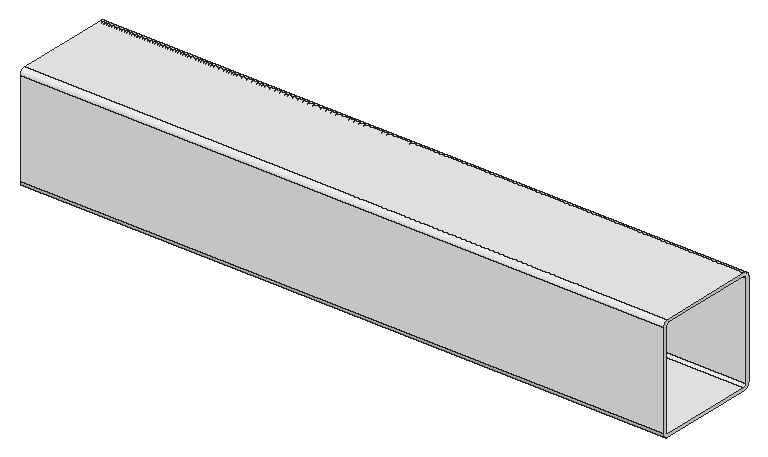
Revit family
Parameters (values of type "200x200SHS")
  시작 확장 계산 [instance] = 3012.5 mm + 시작 확장  # 3000 mm
  시작 확장 [instance] = -12.5 mm
  끝 확장 계산 [instance] = 3012.5 mm + 끝 확장  # 3000 mm
  끝 확장 [instance] = -12.5 mm
  보 재료 [instance] = 금속 - 스틸 - 345 MPa
  A = 38.70 m²
  Ix = 0
  Length [instance] = 1524 mm
  M = 30.4
  Zx = 0
  b = 200 mm
  h = 200 mm
  tr = 2 * t  # 10 mm
  t = 5 mm
Reference planes
  plane 1 "중심(앞/뒤)": y = 0
  plane 2: z = 0
  plane 3 "중심(왼쪽/오른쪽)": x = 4.61
  plane 4 "왼쪽 부재": x = -604.99
  plane 5 "오른쪽 부재": x = 614.21
  plane 6: y = 100
  plane 7: y = -100
  plane 8 "상단": z = 100
  plane 9: z = -100
  plane 10 "왼쪽": x = -757.39
  plane 11 "오른쪽": x = 766.61
  plane 12: x = -604.99
  plane 13: x = 614.21
  plane 14: x = 2395.01
  plane 15: x = -2385.79
Forms (mm)
  Sweep 1, solid, material "금속 - 스틸 - 345 MPa" <- "보 재료", detail levels medium
    path origin (0, 0, 0) x (1, 0, 0) y (0, 1, 0)
      loop
        line (614.21, 0) -> (-604.99, 0)
    profile "M_속 빈-구조-단면-프로파일-중간 : M_속 빈-구조-단면-프로파일-중간" origin (4.61, 0, 0) x (0, -1, 0) y (0, 0, 1)
      loop
        line (-95, 95) -> (-95, -95) -> (95, -95) -> (95, 95) -> (-95, 95)
      loop
        line (-100, -100) -> (100, -100) -> (100, 100) -> (-100, 100) -> (-100, -100)
  Sweep 2, solid, material "금속 - 스틸 - 345 MPa" <- "보 재료", detail levels fine
    path origin (0, 0, 0) x (1, 0, 0) y (0, 1, 0)
      loop
        line (614.21, 0) -> (-604.99, 0)
    profile "M_속 빈-구조-단면-프로파일-섬세 : M_속 빈-구조-단면-프로파일-섬세" origin (4.61, 0, 0) x (0, -1, 0) y (0, 0, 1)
      loop
        arc (-90, 95) -> (-93.536, 93.536) -> (-95, 90) r 5
        line (-95, 90) -> (-95, -90)
        arc (-95, -90) -> (-93.536, -93.536) -> (-90, -95) r 5
        line (-90, -95) -> (90, -95)
        arc (90, -95) -> (93.536, -93.536) -> (95, -90) r 5
        line (95, -90) -> (95, 90)
        arc (95, 90) -> (93.536, 93.536) -> (90, 95) r 5
        line (90, 95) -> (-90, 95)
      loop
        arc (-100, -90) -> (-97.071, -97.071) -> (-90, -100) r 10
        line (-90, -100) -> (90, -100)
        arc (90, -100) -> (97.071, -97.071) -> (100, -90) r 10
        line (100, -90) -> (100, 90)
        arc (100, 90) -> (97.071, 97.071) -> (90, 100) r 10
        line (90, 100) -> (-90, 100)
        arc (-90, 100) -> (-97.071, 97.071) -> (-100, 90) r 10
        line (-100, 90) -> (-100, -90)
Lines and regions (mm)
  symbolic lines, style "숨겨진 면", detail levels medium+fine
    curve 1: line (614.21, -95, 0) -> (-604.99, -95, 0)
    curve 2: line (614.21, 95, 0) -> (-604.99, 95, 0)
    curve 3: line (-604.99, 0, 95) -> (614.21, 0, 95)
    curve 4: line (-604.99, 0, -95) -> (614.21, 0, -95)
  symbolic lines, style "기호 부착", detail levels coarse
    curve 5: line (4.61, 100, 100) -> (4.61, -100, 100)
    curve 6: line (4.61, 100, -100) -> (4.61, 100, 100)
    curve 7: line (4.61, -100, 100) -> (4.61, -100, -100)
    curve 8: line (4.61, -100, -100) -> (4.61, 100, -100)
Dimensions and locks
  "b": plane 6 to plane 7
  "h": plane 9 to plane 8 "상단"
  equal spacing: plane 9, plane 2, plane 8 "상단"
  equal spacing: plane 6, plane 1 "중심(앞/뒤)", plane 7
  "t": plane 6 to curve 2
  "t": curve 1 to plane 7
  "t": plane 8 "상단" to curve 3
  "t": curve 4 to plane 9
  "Length": plane 10 "왼쪽" to plane 11 "오른쪽"
  locked: plane 4 "왼쪽 부재" to plane 14 at 3000
  locked: plane 15 to plane 5 "오른쪽 부재" at 3000
  "끝 확장 계산": plane 15 to plane 13
  "시작 확장 계산": plane 12 to plane 14
  aligned and locked: plane 4 "왼쪽 부재" to curve 3
  aligned and locked: plane 5 "오른쪽 부재" to curve 3
  aligned and locked: plane 4 "왼쪽 부재" to curve 4
  aligned and locked: plane 5 "오른쪽 부재" to curve 4
  aligned and locked: Sweep 1 sketch curve to plane 1 "중심(앞/뒤)"
  aligned and locked: Sweep 2 sketch curve to plane 1 "중심(앞/뒤)"
  aligned and locked: curve 5 to Sweep 1
  aligned and locked: curve 6 to Sweep 1
  aligned and locked: curve 7 to Sweep 1
  aligned and locked: curve 8 to Sweep 1
  aligned and locked: plane 12 to Sweep 1 sketch curve
  aligned and locked: plane 13 to Sweep 1 sketch curve
  aligned and locked: plane 12 to Sweep 2 sketch curve
  aligned and locked: plane 13 to Sweep 2 sketch curve
Automatic sketch dimensions
  curve 1 to plane 4 "왼쪽 부재" = 0 mm
  curve 2 to plane 4 "왼쪽 부재" = 0 mm
  curve 2 to plane 5 "오른쪽 부재" = 0 mm
  curve 1 to plane 5 "오른쪽 부재" = 0 mm
